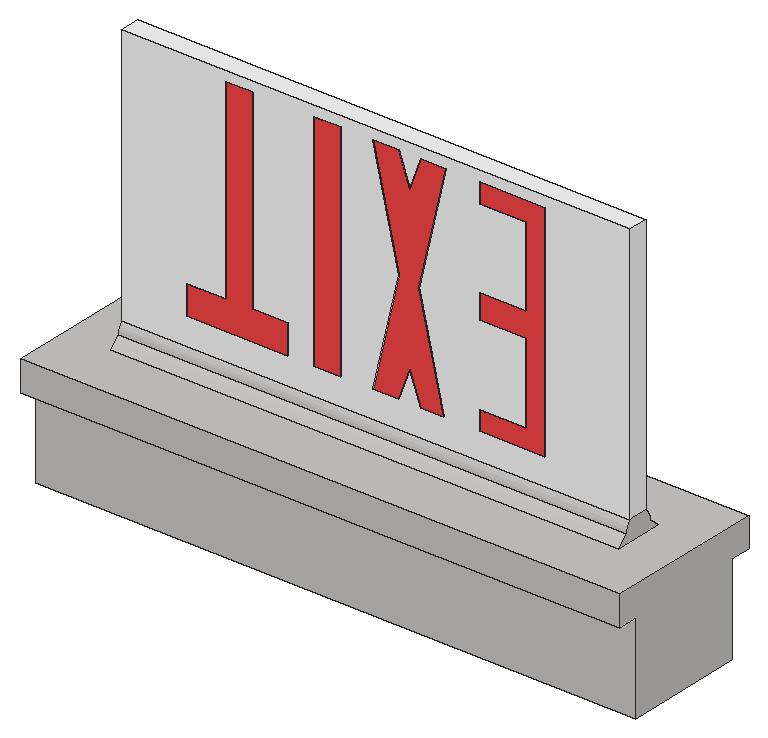
Revit family "CEL-Recessed", category Lighting Fixtures, host Face, Revit 2021
Family settings
  Host = Face
  Round Connector Dimension = Use Diameter
  Part Type = Normal
  OmniClass Number = 23.80.70.11.21
  OmniClass Title = Emergency Lighting
  Cut with Voids When Loaded = No
  Light Source = No
  Shared = No
  Room Calculation Point = No
Parameters (values of type "CELR2RNE")
  zz Length 1 [instance] = if(Single Face, 0.200", 0.250")  # 0.250"
  Watts = 3.72 W
  Wattage Comments = "3.72 W"
  Wall Plate Material = Black
  Wall Mount [instance] = not(Ceiling Mount)  # no
  Voltage = if(Is 120VAC, 120 V, 277 V)  # 120 V
  URL = "https://www.currentlighting.com/compass"
  Single Face = no
  Product Page URL = ""
  Product Documentation Link = ""
  Model = "CELR2RNE"
  Manufacturer = "Compass Products"  # constant formula
  Load Classification = Lighting
  Lens = Red Glass
  Lamp = "LED Lamp"  # constant formula
  Is 277VAC = not(Is 120VAC)  # no
  Is 120VAC = yes
  Holder Material = Steel
  Finish = White
  Double Face = not(Single Face)  # yes
  Description = "Recessed Mount, Double Face, Red Letters, Brushed Aluminum with Battery"
  Default Elevation = 48.000"
  Ceiling Mount [instance] = yes
  Apparent Load = Watts  # 3.72 VA
Types (4): name | zz Length 1 | Wall Mount | Single Face | Model | Lens | Double Face | Description | Ceiling Mount
  CELR1RNE | 0.200" | yes | yes | "CELR1RNE" | Red Glass | no | "Recessed Mount, Single Face, Red Letters, Brushed Aluminum with Battery" | no
  CELR1GNE | 0.200" | yes | yes | "CELR1GNE" | Green Glass | no | "Recessed Mount, Single Face, Green Letters, Brushed Aluminum with Battery" | no
  CELR2RNE | 0.250" | no | no | "CELR2RNE" | Red Glass | yes | "Recessed Mount, Double Face, Red Letters, Brushed Aluminum with Battery" | yes
  CELR2GNE | 0.250" | no | no | "CELR2GNE" | Green Glass | yes | "Recessed Mount, Double Face, Green Letters, Brushed Aluminum with Battery" | yes
Reference planes (in)
  plane 1 "Center (Front/Back)": y = 0
  plane 2: z = 0
  plane 3 "Center (Left/Right)": x = 0
  plane 4: x = -7.5
  plane 5: x = 7.5
  plane 6: y = 2
  plane 7: y = -2
  plane 8: y = 1.5
  plane 9: y = -1.5
  plane 10: x = -6.35
  plane 11: x = 6.35
  plane 12: y = 6.85
  plane 13: x = -2.5
  plane 14: x = 2.5
  plane 15: y = -0.25
  plane 16: y = 0.25
  plane 17: y = -0.1
  plane 18: y = 0.1
  plane 19: z = 7.00054
  plane 20: z = -0.49946
  plane 21: z = -0.74946
  plane 22: y = 0.25
  plane 23: z = 0.75
  plane 24: z = -2.99946
Forms (in)
  Extrusion 1, solid, material "Steel" <- "Holder Material"
    sketch origin (0, 0, 7.00054) x (0, 1, 0) y (0, 0, 1)
      loop
        arc (0.61573, -7.00054) -> (0.49921, -6.87836) -> (0.36573, -6.77499) r 1.12511
        arc (0.36573, -6.77499) -> (0.32806, -6.62444) -> (0.23461, -6.50054) r 0.38962
        line (0.23461, -6.50054) -> (-0.23461, -6.50054)
        arc (-0.23461, -6.50054) -> (-0.32806, -6.62444) -> (-0.36573, -6.77499) r 0.38962
        arc (-0.36573, -6.77499) -> (-0.49921, -6.87836) -> (-0.61573, -7.00054) r 1.12511
        line (-0.61573, -7.00054) -> (0.61573, -7.00054)
    from -6.35 to 6.35
  Extrusion 2, solid, material "Steel" <- "Holder Material"
    sketch origin (0, 0, 7.00054) x (0, 1, 0) y (0, 0, 1)
      loop
        line (2, -7.00054) -> (-2, -7.00054) -> (-2, -7.75) -> (-1.5, -7.75) -> (-1.5, -10) -> (1.5, -10) -> (1.5, -7.75) -> (2, -7.75) -> (2, -7.00054)
    from -7.5 to 7.5
  Extrusion 3, void
    sketch origin (0, 0, 0) x (0, -1, 0) y (0, 0, 1)
      loop
        line (-1.5, -0.74946) -> (-1.5, -2.99946) -> (1.5, -2.99946) -> (1.5, -0.74946) -> (2, -0.74946) -> (2, 0) -> (-2, 0) -> (-2, -0.74946) -> (-1.5, -0.74946)
    from -7.5 to 7.5
Cuts and joins
  Extrusion 3 cuts Extrusion 1
Dimensions and locks (in)
  equal spacing: plane 4, plane 3 "Center (Left/Right)", plane 5
  plane 4 to plane 3 "Center (Left/Right)" = 7.500"
  equal spacing: plane 7, plane 1 "Center (Front/Back)", plane 6
  plane 1 "Center (Front/Back)" to plane 6 = 2.000"
  equal spacing: plane 9, plane 1 "Center (Front/Back)", plane 8
  plane 1 "Center (Front/Back)" to plane 8 = 1.500"
  plane 10 to plane 3 "Center (Left/Right)" = 6.350"
  equal spacing: plane 10, plane 3 "Center (Left/Right)", plane 11
  equal spacing: plane 13, plane 3 "Center (Left/Right)", plane 14
  plane 13 to plane 3 "Center (Left/Right)" = 2.500"
  plane 16 to plane 15 = 0.500"
  plane 18 to plane 17 = 0.200"
  aligned and locked: plane 2 to host face
  aligned and locked: level to host face
  aligned and locked: Extrusion 2 to Extrusion 1
  aligned and locked: Extrusion 2 to plane 21  (x2)
  aligned and locked: nested 2 to plane 23
  aligned and locked: Extrusion 2 to plane 24
  aligned and locked: host face to Extrusion 3 sketch curve
  aligned and locked: plane 7 to Extrusion 3 sketch curve
  aligned and locked: Extrusion 3 sketch curve to plane 21
  aligned and locked: Extrusion 3 sketch curve to plane 9
  aligned and locked: Extrusion 3 sketch curve to plane 24
  aligned and locked: Extrusion 3 sketch curve to plane 8
  aligned and locked: Extrusion 3 sketch curve to plane 6
  aligned and locked: plane 5 to Extrusion 3
  aligned and locked: Extrusion 3 to plane 4
Automatic sketch dimensions
  host sketch curve to host sketch curve = 96.000"  (x2)
  Extrusion 1 sketch curve to level = 0.000"
  plane 15 to Extrusion 1 sketch curve = 0.36573"
  plane 15 to Extrusion 1 sketch curve = 0.11573"
  plane 15 to Extrusion 1 sketch curve = 0.00447"
  Extrusion 1 sketch curve to plane 15 = 0.01539"
  plane 1 "Center (Front/Back)" to Extrusion 1 sketch curve = 0.0235"
  Extrusion 1 sketch curve to plane 1 "Center (Front/Back)" = 0.0235"
  plane 16 to Extrusion 1 sketch curve = 0.01539"
  Extrusion 1 sketch curve to plane 16 = 0.00447"
  Extrusion 1 sketch curve to plane 16 = 0.11573"
  Extrusion 1 sketch curve to Extrusion 1 sketch curve = 0.250"
  plane 21 to Extrusion 1 sketch curve = 0.03627"  (x2)
  level to Extrusion 1 sketch curve = 0.20815"
  Extrusion 2 sketch curve to level = 0.000"
  Extrusion 2 sketch curve to plane 7 = 0.000"
  Extrusion 2 sketch curve to plane 9 = 0.000"
  Extrusion 2 sketch curve to plane 8 = 0.000"
  Extrusion 2 sketch curve to plane 6 = 0.000"
  Extrusion 2 sketch curve to plane 21 = 0.000"  (x2)
  Extrusion 2 sketch curve to plane 24 = 0.000"
  Extrusion 3 sketch curve to plane 21 = 0.000"
Nested families (in)
  nested 1: "Wall mount" at (0, 0, 0.5) x (-1, 0, 0) z (0, 0, 1), visible <- "Ceiling Mount", Single Face <- "Single Face", type "CELS1RNE"
    with zz Length 1 0.250", Single Face no, Double Face yes
  nested 2: "Wall mount" at (0, -0.1, 0.75) x (-1, 0, 0) z (0, -1, 0), visible <- "Wall Mount", Single Face <- "Single Face", type "CELS1RNE"
    with zz Length 1 0.250", Single Face no, Double Face yes
Connectors (in)
  electrical at (0, 0, -2.99946), driven by "Voltage", driven by "Description"
    settings: on Extrusion 2, index 1, voltage 120 V, apparent load 0 VA, apparent load phase1 0 VA, apparent load phase2 0 VA, apparent load phase3 0 VA, power factor 1, load classification "Other", number of poles 1, system type 30, power factor state 1, is connector primary yes, connector utility no, sub classification motor no, connector description "Recessed Mount, Double Face, Red Letters, Brushed Aluminum with Battery"
Definition of nested family "Wall mount"
  Parameters
    zz Length 1 [instance] = if(Single Face, 0.200", 0.250")  # 0.200"
    Watts = 3.72 W
    Wattage Comments = "3.72 W"
    Wattage = 1.57 W
    built-in parameter 1150110 = 1 (stored number, unit not read)
    Voltage = if(Is 120VAC, 120 V, 277 V)  # 120 V
    URL = "http://www.compasslightingproducts.com/"
    built-in parameter 1114217 = 1 (stored number, unit not read)
    Tilt Angle = 90.00°
    built-in parameter 1150109 = 1 (stored number, unit not read)
    built-in parameter 1150134 = 3
    built-in parameter 1150113 = 1 (stored number, unit not read)
    Single Face [instance] = yes
    Product Page URL = "http://www.compasslightingproducts.com/products/cel/"
    Product Documentation Link = "http://cdn.compasslightingproducts.com/content/products/specs/specs_files/0603534_cel_spec.pdf"
    Photometric Web File = "generic"
    built-in parameter 1150142 = (empty or 0)
    Model = "CELS1RNE"
    Manufacturer Phone = "864-678-1000"  # constant formula
    Manufacturer Fax = "866-898-0131"  # constant formula
    Manufacturer = "Compass Lighting"  # constant formula
    built-in parameter 1150105 = 18.558 (stored number, unit not read)
    Lumens = 233.211 lm
    built-in parameter 1150115 = 1 (stored number, unit not read)
    Load Classification = none
    built-in parameter 1150137 = (empty or 0)
    built-in parameter 1150139 = (empty or 0)
    Lens = none
    built-in parameter 1150112 = 1 (stored number, unit not read)
    built-in parameter 1150114 = 1 (stored number, unit not read)
    Lamp = "LED Lamp"  # constant formula
    Is 277VAC = not(Is 120VAC)  # no
    Is 120VAC = yes
    built-in parameter 1150132 = (empty or 0)
    built-in parameter 1150102 = (empty or 0)
    built-in parameter 1150107 = 3200 (stored number, unit not read)
    built-in parameter 1150138 = (empty or 0)
    built-in parameter 1150106 = 0.18558 (stored number, unit not read)
    Holder Material = none
    Finish = none
    Emit from Rectangle Width = 5.000"
    Emit from Rectangle Length = 10.000"
    Emit Shape Visible in Rendering = no
    built-in parameter 1150104 = 13.8 (stored number, unit not read)
    Double Face [instance] = not(Single Face)  # no
    Dimming Lamp Color Temperature Shift = (empty or 0)
    Description = "Surface Mount, Single Face, Red Letters, Brushed Aluminum with Battery"
    Default Elevation = 48.000"
    Color Filter = 16777215
    built-in parameter 1114218 = 1 (stored number, unit not read)
    built-in parameter 1150133 = 10 (stored number, unit not read)
    Apparent Load = Watts  # 3.72 VA
  Reference planes (in)
    plane 1 "Center (Front/Back)": y = 0
    plane 2: z = 0
    plane 3 "Center (Left/Right)": x = 0
    plane 4: y = -0.25
    plane 5: y = 0.25
    plane 6: x = -7.5
    plane 7: x = 7.5
    plane 8: y = 2
    plane 9: y = -2
    plane 10: y = 1.5
    plane 11: y = -1.5
    plane 12: x = -6.35
    plane 13: x = 6.35
    plane 14: y = -0.1
    plane 15: y = 0.1
    plane 16: z = 2.8
    plane 17: z = 6.5
    plane 18: y = 0.2
  Forms (in)
    Extrusion 1, solid
      sketch origin (0, 0, 0) x (1, 0, 0) y (0, 1, 0)
        loop
          line (-48, 48) -> (-48, -48) -> (48, -48) -> (48, 48) -> (-48, 48)
      from 0 to -12
    Extrusion 2, solid, material <- "Finish"
      sketch origin (0, -12.64936, -2.8) x (0, 1, 0) y (0, 0, 1)
        loop
          line (12.89936, 9.3) -> (12.39936, 9.3) -> (12.39936, 2.8) -> (12.89936, 2.8) -> (12.89936, 9.3)
      from -6.35 to 6.35
    Extrusion 3, void
      sketch origin (0, 0, -3.29946) x (1, 0, 0) y (0, 0, 1)
        loop
          line (-0.88561, 9.55148) -> (-1.55523, 9.55148) -> (-1.55523, 3.96255) -> (-0.88561, 3.96255) -> (-0.88561, 9.55148)
        loop
          line (-4.73439, 4.69408) -> (-4.73439, 3.96255) -> (-2.22261, 3.96255) -> (-2.22261, 4.69408) -> (-3.09492, 4.69408) -> (-3.09492, 9.55148) -> (-3.76455, 9.55148) -> (-3.76455, 4.69408) -> (-4.73439, 4.69408)
        loop
          line (-0.07662, 9.53492) -> (0.56662, 6.74874) -> (-0.07662, 3.96255) -> (0.55395, 3.96255) -> (0.83113, 4.72409) -> (1.10831, 3.96255) -> (1.68873, 3.96255) -> (1.07056, 6.64012) -> (1.73888, 9.53492) -> (1.10831, 9.53492) -> (0.83113, 8.77338) -> (0.55395, 9.53492) -> (-0.07662, 9.53492)
        loop
          line (4.21069, 9.53598) -> (2.59211, 9.53598) -> (2.59211, 9.05484) -> (3.72955, 9.05484) -> (3.72955, 7.05145) -> (2.59211, 7.05145) -> (2.59211, 6.74874) -> (2.59211, 6.44603) -> (3.72955, 6.44603) -> (3.72955, 4.44264) -> (2.59211, 4.44264) -> (2.59211, 3.9615) -> (4.21069, 3.9615) -> (4.21069, 6.74874) -> (4.21069, 9.53598)
      from 0.1 to 0.25
    Extrusion 4, void
      sketch origin (0, 0, -3.29946) x (-1, 0, 0) y (0, 0, 1)
        loop
          line (-0.88561, 9.55148) -> (-1.55523, 9.55148) -> (-1.55523, 3.96255) -> (-0.88561, 3.96255) -> (-0.88561, 9.55148)
        loop
          line (-4.73439, 4.69408) -> (-4.73439, 3.96255) -> (-2.22261, 3.96255) -> (-2.22261, 4.69408) -> (-3.09492, 4.69408) -> (-3.09492, 9.55148) -> (-3.76455, 9.55148) -> (-3.76455, 4.69408) -> (-4.73439, 4.69408)
        loop
          line (-0.07662, 9.53492) -> (0.56662, 6.74874) -> (-0.07662, 3.96255) -> (0.55395, 3.96255) -> (0.83113, 4.72409) -> (1.10831, 3.96255) -> (1.68873, 3.96255) -> (1.07056, 6.64012) -> (1.73888, 9.53492) -> (1.10831, 9.53492) -> (0.83113, 8.77338) -> (0.55395, 9.53492) -> (-0.07662, 9.53492)
        loop
          line (4.21069, 9.53598) -> (2.59211, 9.53598) -> (2.59211, 9.05484) -> (3.72955, 9.05484) -> (3.72955, 7.05145) -> (2.59211, 7.05145) -> (2.59211, 6.74874) -> (2.59211, 6.44603) -> (3.72955, 6.44603) -> (3.72955, 4.44264) -> (2.59211, 4.44264) -> (2.59211, 3.9615) -> (4.21069, 3.9615) -> (4.21069, 6.74874) -> (4.21069, 9.53598)
      from 0.1 to 0.2
    Extrusion 5, solid, material <- "Lens"
      sketch origin (0, 0, -3.29946) x (1, 0, 0) y (0, 0, 1)
        loop
          line (-0.88561, 9.55148) -> (-1.55523, 9.55148) -> (-1.55523, 3.96255) -> (-0.88561, 3.96255) -> (-0.88561, 9.55148)
        loop
          line (-4.73439, 4.69408) -> (-4.73439, 3.96255) -> (-2.22261, 3.96255) -> (-2.22261, 4.69408) -> (-3.09492, 4.69408) -> (-3.09492, 9.55148) -> (-3.76455, 9.55148) -> (-3.76455, 4.69408) -> (-4.73439, 4.69408)
        loop
          line (-0.07662, 9.53492) -> (0.56662, 6.74874) -> (-0.07662, 3.96255) -> (0.55395, 3.96255) -> (0.83113, 4.72409) -> (1.10831, 3.96255) -> (1.68873, 3.96255) -> (1.07056, 6.64012) -> (1.73888, 9.53492) -> (1.10831, 9.53492) -> (0.83113, 8.77338) -> (0.55395, 9.53492) -> (-0.07662, 9.53492)
        loop
          line (4.21069, 9.53598) -> (2.59211, 9.53598) -> (2.59211, 9.05484) -> (3.72955, 9.05484) -> (3.72955, 7.05145) -> (2.59211, 7.05145) -> (2.59211, 6.74874) -> (2.59211, 6.44603) -> (3.72955, 6.44603) -> (3.72955, 4.44264) -> (2.59211, 4.44264) -> (2.59211, 3.9615) -> (4.21069, 3.9615) -> (4.21069, 6.74874) -> (4.21069, 9.53598)
      from 0.1 to 0.25
    Extrusion 6, solid, material <- "Lens", visible <- "Double Face"
      sketch origin (0, 0, -3.29946) x (-1, 0, 0) y (0, 0, 1)
        loop
          line (-0.88561, 9.55148) -> (-1.55523, 9.55148) -> (-1.55523, 3.96255) -> (-0.88561, 3.96255) -> (-0.88561, 9.55148)
        loop
          line (-4.73439, 4.69408) -> (-4.73439, 3.96255) -> (-2.22261, 3.96255) -> (-2.22261, 4.69408) -> (-3.09492, 4.69408) -> (-3.09492, 9.55148) -> (-3.76455, 9.55148) -> (-3.76455, 4.69408) -> (-4.73439, 4.69408)
        loop
          line (-0.07662, 9.53492) -> (0.56662, 6.74874) -> (-0.07662, 3.96255) -> (0.55395, 3.96255) -> (0.83113, 4.72409) -> (1.10831, 3.96255) -> (1.68873, 3.96255) -> (1.07056, 6.64012) -> (1.73888, 9.53492) -> (1.10831, 9.53492) -> (0.83113, 8.77338) -> (0.55395, 9.53492) -> (-0.07662, 9.53492)
        loop
          line (4.21069, 9.53598) -> (2.59211, 9.53598) -> (2.59211, 9.05484) -> (3.72955, 9.05484) -> (3.72955, 7.05145) -> (2.59211, 7.05145) -> (2.59211, 6.74874) -> (2.59211, 6.44603) -> (3.72955, 6.44603) -> (3.72955, 4.44264) -> (2.59211, 4.44264) -> (2.59211, 3.9615) -> (4.21069, 3.9615) -> (4.21069, 6.74874) -> (4.21069, 9.53598)
      from 0.1 to 0.25
  Cuts and joins
    Extrusion 3, Extrusion 4 cuts Extrusion 2
  Lines and regions (in)
    reference lines
      curve 1: arc (0, 0.4, 0.25774) -> (0, 0.01219, 0.78053) -> (0, 0.625, 1) r 0.40523
      curve 2: arc (0, 0.28353, 1) -> (0, -0.39345, 0.45316) -> (0, -1.24147, 0.25774) r 1.93772
    model lines
      curve 3: line (-4.73019, -0.25, 3.66752) -> (-5.54934, -0.25, 3.09395)
      curve 4: line (-4.73019, -0.25, 2.52037) -> (-5.54934, -0.25, 3.09395)
      curve 5: line (-4.5868, -0.25, 3.46273) -> (-5.11348, -0.25, 3.09395)
      curve 6: line (-4.5868, -0.25, 2.72516) -> (-5.11348, -0.25, 3.09395)
      curve 7: line (-4.73019, -0.25, 2.52037) -> (-4.5868, -0.25, 2.72516)
      curve 8: line (-4.5868, -0.25, 3.46273) -> (-4.73019, -0.25, 3.66752)
      curve 9: line (4.73019, -0.25, 3.66752) -> (5.54934, -0.25, 3.09395)
      curve 10: line (4.73019, -0.25, 2.52037) -> (5.54934, -0.25, 3.09395)
      curve 11: line (4.5868, -0.25, 3.46273) -> (5.11348, -0.25, 3.09395)
      curve 12: line (4.5868, -0.25, 2.72516) -> (5.11348, -0.25, 3.09395)
      curve 13: line (4.73019, -0.25, 2.52037) -> (4.5868, -0.25, 2.72516)
      curve 14: line (4.5868, -0.25, 3.46273) -> (4.73019, -0.25, 3.66752)
    model lines, visible <- "Double Face"
      curve 15: line (4.73019, 0.25, 4.66752) -> (5.54934, 0.25, 4.09395)
      curve 16: line (4.73019, 0.25, 3.52037) -> (5.54934, 0.25, 4.09395)
      curve 17: line (4.5868, 0.25, 4.46273) -> (5.11348, 0.25, 4.09395)
      curve 18: line (4.5868, 0.25, 3.72516) -> (5.11348, 0.25, 4.09395)
      curve 19: line (4.73019, 0.25, 3.52037) -> (4.5868, 0.25, 3.72516)
      curve 20: line (4.5868, 0.25, 4.46273) -> (4.73019, 0.25, 4.66752)
      curve 21: line (-4.73019, 0.25, 4.66752) -> (-5.54934, 0.25, 4.09395)
      curve 22: line (-4.73019, 0.25, 3.52037) -> (-5.54934, 0.25, 4.09395)
      curve 23: line (-4.5868, 0.25, 4.46273) -> (-5.11348, 0.25, 4.09395)
      curve 24: line (-4.5868, 0.25, 3.72516) -> (-5.11348, 0.25, 4.09395)
      curve 25: line (-4.73019, 0.25, 3.52037) -> (-4.5868, 0.25, 3.72516)
      curve 26: line (-4.5868, 0.25, 4.46273) -> (-4.73019, 0.25, 4.66752)
  Dimensions and locks (in)
    plane 5 to plane 1 "Center (Front/Back)" = 0.250"
    equal spacing: plane 5, plane 1 "Center (Front/Back)", plane 4
    equal spacing: plane 6, plane 3 "Center (Left/Right)", plane 7
    plane 6 to plane 3 "Center (Left/Right)" = 7.500"
    equal spacing: plane 9, plane 1 "Center (Front/Back)", plane 8
    plane 1 "Center (Front/Back)" to plane 8 = 2.000"
    equal spacing: plane 11, plane 1 "Center (Front/Back)", plane 10
    plane 1 "Center (Front/Back)" to plane 10 = 1.500"
    plane 12 to plane 3 "Center (Left/Right)" = 6.350"
    equal spacing: plane 12, plane 3 "Center (Left/Right)", plane 13
    equal spacing: plane 15, plane 1 "Center (Front/Back)", plane 14
    plane 15 to plane 1 "Center (Front/Back)" = 0.100"
    "zz Length 1": plane 18 to plane 1 "Center (Front/Back)"
    plane 17 to level = 6.500"
    aligned and locked: plane 2 to Extrusion 1
    aligned and locked: level to Extrusion 1
    aligned and locked: plane 1 "Center (Front/Back)" to imposter light
    aligned and locked: plane 3 "Center (Left/Right)" to imposter light
    aligned and locked: Extrusion 2 sketch curve to plane 5
    aligned and locked: plane 4 to Extrusion 2 sketch curve
    aligned and locked: Extrusion 3 to plane 14
    aligned and locked: plane 4 to Extrusion 3
    aligned and locked: plane 4 to Extrusion 5
    aligned and locked: Extrusion 5 to plane 14
    aligned and locked: Extrusion 4 to plane 18
    aligned and locked: plane 17 to Extrusion 2
  Automatic sketch dimensions
    Extrusion 1 sketch curve to Extrusion 1 sketch curve = 96.000"  (x2)
    curve 2 to plane 11 = 0.25853"
    curve 2 to plane 5 = 0.03353"
    curve 1 to plane 5 = 0.150"
    curve 2 to curve 1 = 0.34147"
    level to curve 1 = 0.25774"
    level to curve 2 = 0.25774"
    curve 1 to curve 1 = 0.40523"
    curve 2 to curve 1 = 0.000"
    Extrusion 2 sketch curve to plane 16 = 2.800"
    plane 12 to Extrusion 3 sketch curve = 1.61561"
    plane 12 to Extrusion 3 sketch curve = 2.58545"
    Extrusion 3 sketch curve to Extrusion 3 sketch curve = 0.66962"  (x2)
    Extrusion 3 sketch curve to Extrusion 3 sketch curve = 0.87231"
    Extrusion 3 sketch curve to Extrusion 3 sketch curve = 1.53969"
    Extrusion 3 sketch curve to plane 3 "Center (Left/Right)" = 0.07662"  (x2)
    plane 3 "Center (Left/Right)" to Extrusion 3 sketch curve = 0.55395"  (x2)
    plane 3 "Center (Left/Right)" to Extrusion 3 sketch curve = 0.56662"
    Extrusion 3 sketch curve to Extrusion 3 sketch curve = 0.27718"  (x2)
    Extrusion 3 sketch curve to Extrusion 3 sketch curve = 0.50394"
    Extrusion 3 sketch curve to Extrusion 3 sketch curve = 0.55436"  (x2)
    Extrusion 3 sketch curve to Extrusion 3 sketch curve = 0.58042"
    Extrusion 3 sketch curve to Extrusion 3 sketch curve = 0.63057"
    Extrusion 3 sketch curve to Extrusion 3 sketch curve = 0.90338"
    Extrusion 3 sketch curve to Extrusion 3 sketch curve = 0.85323"
    Extrusion 3 sketch curve to Extrusion 3 sketch curve = 1.52154"
    Extrusion 3 sketch curve to Extrusion 3 sketch curve = 1.13744"
    Extrusion 3 sketch curve to Extrusion 3 sketch curve = 0.000"  (x4)
    Extrusion 3 sketch curve to Extrusion 3 sketch curve = 0.48114"  (x3)
    Extrusion 3 sketch curve to Extrusion 3 sketch curve = 0.48009"  (x2)
    Extrusion 3 sketch curve to Extrusion 3 sketch curve = 0.76154"
    Extrusion 3 sketch curve to Extrusion 3 sketch curve = 2.00339"
    Extrusion 3 sketch curve to Extrusion 3 sketch curve = 0.30271"  (x3)
    Extrusion 3 sketch curve to Extrusion 3 sketch curve = 2.02465"
    Extrusion 3 sketch curve to Extrusion 3 sketch curve = 0.10862"
    Extrusion 3 sketch curve to plane 16 = 1.37536"
    Extrusion 3 sketch curve to plane 16 = 1.40538"
    Extrusion 3 sketch curve to plane 16 = 1.65682"
    Extrusion 3 sketch curve to plane 16 = 2.1369"
    Extrusion 3 sketch curve to Extrusion 3 sketch curve = 0.73153"
    Extrusion 4 sketch curve to plane 13 = 1.61561"
    Extrusion 4 sketch curve to plane 13 = 2.58545"
    Extrusion 4 sketch curve to Extrusion 4 sketch curve = 0.66962"  (x2)
    Extrusion 4 sketch curve to Extrusion 4 sketch curve = 0.87231"
    Extrusion 4 sketch curve to Extrusion 4 sketch curve = 1.53969"
    plane 3 "Center (Left/Right)" to Extrusion 4 sketch curve = 0.07662"  (x2)
    Extrusion 4 sketch curve to plane 3 "Center (Left/Right)" = 0.55395"  (x2)
    Extrusion 4 sketch curve to plane 3 "Center (Left/Right)" = 0.56662"
    Extrusion 4 sketch curve to Extrusion 4 sketch curve = 0.27718"  (x2)
    Extrusion 4 sketch curve to Extrusion 4 sketch curve = 0.50394"
    Extrusion 4 sketch curve to Extrusion 4 sketch curve = 0.55436"  (x2)
    Extrusion 4 sketch curve to Extrusion 4 sketch curve = 0.58042"
    Extrusion 4 sketch curve to Extrusion 4 sketch curve = 0.63057"
    Extrusion 4 sketch curve to Extrusion 4 sketch curve = 0.90338"
    Extrusion 4 sketch curve to Extrusion 4 sketch curve = 0.85323"
    Extrusion 4 sketch curve to Extrusion 4 sketch curve = 1.52154"
    Extrusion 4 sketch curve to Extrusion 4 sketch curve = 1.13744"
    Extrusion 4 sketch curve to Extrusion 4 sketch curve = 0.000"  (x4)
    Extrusion 4 sketch curve to Extrusion 4 sketch curve = 0.48114"  (x3)
    Extrusion 4 sketch curve to Extrusion 4 sketch curve = 0.48009"  (x2)
    Extrusion 4 sketch curve to Extrusion 4 sketch curve = 0.76154"
    Extrusion 4 sketch curve to Extrusion 4 sketch curve = 2.00339"
    Extrusion 4 sketch curve to Extrusion 4 sketch curve = 0.30271"  (x3)
    Extrusion 4 sketch curve to Extrusion 4 sketch curve = 2.02465"
    Extrusion 4 sketch curve to Extrusion 4 sketch curve = 0.10862"
    Extrusion 4 sketch curve to plane 16 = 1.37536"
    Extrusion 4 sketch curve to plane 16 = 1.40538"
    Extrusion 4 sketch curve to plane 16 = 1.65682"
    Extrusion 4 sketch curve to plane 16 = 2.1369"
    Extrusion 4 sketch curve to Extrusion 4 sketch curve = 0.73153"
    plane 12 to Extrusion 5 sketch curve = 1.61561"
    plane 12 to Extrusion 5 sketch curve = 2.58545"
    Extrusion 5 sketch curve to Extrusion 5 sketch curve = 0.66962"  (x2)
    Extrusion 5 sketch curve to Extrusion 5 sketch curve = 0.87231"
    Extrusion 5 sketch curve to Extrusion 5 sketch curve = 1.53969"
    Extrusion 5 sketch curve to plane 3 "Center (Left/Right)" = 0.07662"  (x2)
    plane 3 "Center (Left/Right)" to Extrusion 5 sketch curve = 0.55395"  (x2)
    plane 3 "Center (Left/Right)" to Extrusion 5 sketch curve = 0.56662"
    Extrusion 5 sketch curve to Extrusion 5 sketch curve = 0.27718"  (x2)
    Extrusion 5 sketch curve to Extrusion 5 sketch curve = 0.50394"
    Extrusion 5 sketch curve to Extrusion 5 sketch curve = 0.55436"  (x2)
    Extrusion 5 sketch curve to Extrusion 5 sketch curve = 0.58042"
    Extrusion 5 sketch curve to Extrusion 5 sketch curve = 0.63057"
    Extrusion 5 sketch curve to Extrusion 5 sketch curve = 0.90338"
    Extrusion 5 sketch curve to Extrusion 5 sketch curve = 0.85323"
    Extrusion 5 sketch curve to Extrusion 5 sketch curve = 1.52154"
    Extrusion 5 sketch curve to Extrusion 5 sketch curve = 1.13744"
    Extrusion 5 sketch curve to Extrusion 5 sketch curve = 0.000"  (x4)
    Extrusion 5 sketch curve to Extrusion 5 sketch curve = 0.48114"  (x3)
    Extrusion 5 sketch curve to Extrusion 5 sketch curve = 0.48009"  (x2)
    Extrusion 5 sketch curve to Extrusion 5 sketch curve = 0.76154"
    Extrusion 5 sketch curve to Extrusion 5 sketch curve = 2.00339"
    Extrusion 5 sketch curve to Extrusion 5 sketch curve = 0.30271"  (x3)
    Extrusion 5 sketch curve to Extrusion 5 sketch curve = 2.02465"
    Extrusion 5 sketch curve to Extrusion 5 sketch curve = 0.10862"
    Extrusion 5 sketch curve to plane 16 = 1.37536"
    Extrusion 5 sketch curve to plane 16 = 1.40538"
    Extrusion 5 sketch curve to plane 16 = 1.65682"
    Extrusion 5 sketch curve to plane 16 = 2.1369"
    Extrusion 5 sketch curve to Extrusion 5 sketch curve = 0.73153"
    Extrusion 6 sketch curve to plane 13 = 1.61561"
    Extrusion 6 sketch curve to plane 13 = 2.58545"
    Extrusion 6 sketch curve to Extrusion 6 sketch curve = 0.66962"  (x2)
    Extrusion 6 sketch curve to Extrusion 6 sketch curve = 0.87231"
    Extrusion 6 sketch curve to Extrusion 6 sketch curve = 1.53969"
    plane 3 "Center (Left/Right)" to Extrusion 6 sketch curve = 0.07662"  (x2)
    Extrusion 6 sketch curve to plane 3 "Center (Left/Right)" = 0.55395"  (x2)
    Extrusion 6 sketch curve to plane 3 "Center (Left/Right)" = 0.56662"
    Extrusion 6 sketch curve to Extrusion 6 sketch curve = 0.27718"  (x2)
    Extrusion 6 sketch curve to Extrusion 6 sketch curve = 0.50394"
    Extrusion 6 sketch curve to Extrusion 6 sketch curve = 0.55436"  (x2)
    Extrusion 6 sketch curve to Extrusion 6 sketch curve = 0.58042"
    Extrusion 6 sketch curve to Extrusion 6 sketch curve = 0.63057"
    Extrusion 6 sketch curve to Extrusion 6 sketch curve = 0.90338"
    Extrusion 6 sketch curve to Extrusion 6 sketch curve = 0.85323"
    Extrusion 6 sketch curve to Extrusion 6 sketch curve = 1.52154"
    Extrusion 6 sketch curve to Extrusion 6 sketch curve = 1.13744"
    Extrusion 6 sketch curve to Extrusion 6 sketch curve = 0.000"  (x4)
    Extrusion 6 sketch curve to Extrusion 6 sketch curve = 0.48114"  (x3)
    Extrusion 6 sketch curve to Extrusion 6 sketch curve = 0.48009"  (x2)
    Extrusion 6 sketch curve to Extrusion 6 sketch curve = 0.76154"
    Extrusion 6 sketch curve to Extrusion 6 sketch curve = 2.00339"
    Extrusion 6 sketch curve to Extrusion 6 sketch curve = 0.30271"  (x3)
    Extrusion 6 sketch curve to Extrusion 6 sketch curve = 2.02465"
    Extrusion 6 sketch curve to Extrusion 6 sketch curve = 0.10862"
    Extrusion 6 sketch curve to plane 16 = 1.37536"
    Extrusion 6 sketch curve to plane 16 = 1.40538"
    Extrusion 6 sketch curve to plane 16 = 1.65682"
    Extrusion 6 sketch curve to plane 16 = 2.1369"
    Extrusion 6 sketch curve to Extrusion 6 sketch curve = 0.73153"
    curve 3 to Extrusion 2 = 2.83248"
    curve 9 to Extrusion 2 = 2.83248"
    Extrusion 2 to curve 5 = 1.7632"
    curve 3 to curve 5 = 0.20479"
    Extrusion 2 to curve 14 = 1.7632"
    curve 9 to curve 14 = 0.20479"
    Extrusion 2 to curve 11 = 1.23652"
    curve 11 to curve 11 = 0.36879"
    Extrusion 2 to curve 5 = 1.23652"
    curve 5 to curve 5 = 0.36879"
    Extrusion 2 to curve 3 = 0.80066"
    Extrusion 2 to curve 9 = 0.80066"
    Extrusion 2 to curve 7 = 1.7632"
    curve 5 to curve 7 = 0.36879"
    Extrusion 2 to curve 12 = 1.7632"
    curve 11 to curve 12 = 0.36879"
    Extrusion 2 to curve 25 = 1.61981"
    Extrusion 2 to curve 25 = 3.52037"
    Extrusion 2 to curve 16 = 1.61981"
    Extrusion 2 to curve 16 = 3.52037"
    Extrusion 2 to curve 24 = 1.7632"
    curve 22 to curve 24 = 0.20479"
    Extrusion 2 to curve 19 = 1.7632"
    curve 16 to curve 19 = 0.20479"
    Extrusion 2 to curve 16 = 0.80066"
    Extrusion 2 to curve 24 = 1.23652"
    Extrusion 2 to curve 21 = 0.80066"
    Extrusion 2 to curve 18 = 1.23652"
    Extrusion 2 to curve 26 = 1.7632"
    curve 23 to curve 26 = 0.36879"
    Extrusion 2 to curve 17 = 1.7632"
    curve 17 to curve 17 = 0.36879"
    plane 16 to Extrusion 2 sketch curve = 3.700"
    plane 16 to Extrusion 3 sketch curve = 0.34657"
    plane 16 to Extrusion 3 sketch curve = 3.45202"
    Extrusion 3 sketch curve to Extrusion 3 sketch curve = 0.01655"
    plane 16 to Extrusion 4 sketch curve = 0.34657"
    plane 16 to Extrusion 4 sketch curve = 3.45202"
    Extrusion 4 sketch curve to Extrusion 4 sketch curve = 0.01655"
    plane 16 to Extrusion 5 sketch curve = 0.34657"
    plane 16 to Extrusion 5 sketch curve = 3.45202"
    Extrusion 5 sketch curve to Extrusion 5 sketch curve = 0.01655"
    plane 16 to Extrusion 6 sketch curve = 0.34657"
    plane 16 to Extrusion 6 sketch curve = 3.45202"
    Extrusion 6 sketch curve to Extrusion 6 sketch curve = 0.01655"
